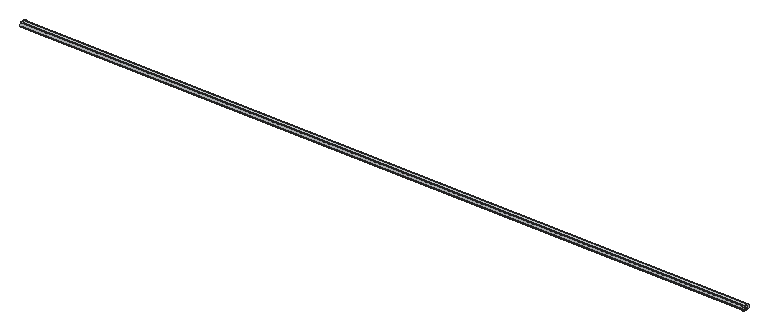
Revit family "33W.75x.75 Web", category Structural Framing, Revit 2020
Family settings
  Section Shape = Not Defined
  Material for Model Behavior = Steel
  Always export as geometry = No
  OmniClass Number = 23.25.30.11.14.14
  OmniClass Title = Beams
  Always vertical = Yes
  Cut with Voids When Loaded = No
  Symbolic Representation = From Family
  Shared = No
  Show family pre-cut in plan views = Yes
Parameters
  Weight lbs per ft [instance] = 0.3225
  URL = "https://www.trussteel.com/details_files/pdf/ts009.pdf"
  Total Member Weight lbs [instance] = Length / 1' 0" * Weight lbs per ft  # 3.225
  Structural Material = ASTM A500 Grade A Modified Fy 45 ksi
  Steel Design Thickness (in) [instance] = 0.035
  Model = "33W.75x.75"
  Manufacturer = "TrusSteel"
  Length [instance] = 10' - 0"
  Fy (ksi) [instance] = 45
  Fu (ksi) [instance] = 55
  Description = "Tube Web"
  Cross Section Area (in2) [instance] = 0.0948
  Beam Width = 0' - 0 3/4"
  Beam Height = 0' - 0 3/4"
Reference planes (in)
  plane 1 "Center (Front/Back)": y = 0
  plane 2 "Center El.": z = 0
  plane 3 "Center (Left/Right)": x = 0
  plane 4 "Left": x = -60
  plane 5 "Right": x = 60
Forms (in)
  Extrusion 1, solid
    sketch origin (0, 0, 0) x (0, 1, 0) y (0, 0, 1)
      loop
        line (0.27, 0.34) -> (-0.27, 0.34)
        arc (-0.27, 0.34) -> (-0.3195, 0.3195) -> (-0.34, 0.27) r 0.07
        line (-0.34, 0.27) -> (-0.34, -0.27)
        arc (-0.34, -0.27) -> (-0.3195, -0.3195) -> (-0.27, -0.34) r 0.07
        line (-0.27, -0.34) -> (0.27, -0.34)
        arc (0.27, -0.34) -> (0.3195, -0.3195) -> (0.34, -0.27) r 0.07
        line (0.34, -0.27) -> (0.34, 0.27)
        arc (0.34, 0.27) -> (0.3195, 0.3195) -> (0.27, 0.34) r 0.07
      loop
        arc (-0.27, 0.375) -> (-0.34425, 0.34425) -> (-0.375, 0.27) r 0.105
        line (-0.375, 0.27) -> (-0.375, -0.27)
        arc (-0.375, -0.27) -> (-0.34425, -0.34425) -> (-0.27, -0.375) r 0.105
        line (-0.27, -0.375) -> (0.27, -0.375)
        arc (0.27, -0.375) -> (0.34425, -0.34425) -> (0.375, -0.27) r 0.105
        line (0.375, -0.27) -> (0.375, 0.27)
        arc (0.375, 0.27) -> (0.34425, 0.34425) -> (0.27, 0.375) r 0.105
        line (0.27, 0.375) -> (-0.27, 0.375)
    from -60 to 60
Dimensions and locks (in)
  equal spacing: plane 4 "Left", plane 3 "Center (Left/Right)", plane 5 "Right"
  "Length": plane 4 "Left" to plane 5 "Right"
  "Beam Width": Extrusion 1 to Extrusion 1
  "Beam Height": Extrusion 1 to Extrusion 1
  aligned and locked: level to plane 2 "Center El."
  aligned and locked: plane 4 "Left" to Extrusion 1
  aligned and locked: Extrusion 1 to plane 5 "Right"
Automatic sketch dimensions
  plane 1 "Center (Front/Back)" to Extrusion 1 sketch curve = 0' - 0.34"
  Extrusion 1 sketch curve to Extrusion 1 sketch curve = 0' - 0.07"  (x3)
  Extrusion 1 sketch curve to plane 1 "Center (Front/Back)" = 0' - 0.27"  (x2)
  Extrusion 1 sketch curve to level = 0' - 0.34"
  level to Extrusion 1 sketch curve = 0' - 0.27"
  Extrusion 1 sketch curve to Extrusion 1 sketch curve = 0' - 0"  (x7)
  Extrusion 1 sketch curve to Extrusion 1 sketch curve = 0' - 0.035"
